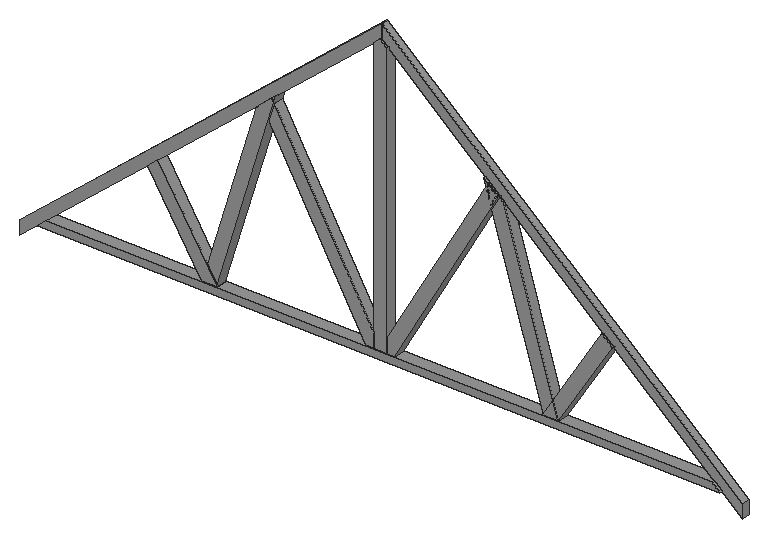
Revit family "ModifiedQueenTruss", category Structural Framing, Revit 2020
Family settings
  Section Shape = Not Defined
  Material for Model Behavior = Other
  Always export as geometry = No
  OmniClass Number = 23.25.30.21.14
  OmniClass Title = Trussed Beams and Joists
  Work Plane-Based = No
  Always vertical = Yes
  Cut with Voids When Loaded = No
  Symbolic Representation = From Family
  Shared = No
  Show family pre-cut in plan views = Yes
Parameters
  WebWidth [instance] = 150 mm
  WebDepth [instance] = 200 mm
  TopWidth [instance] = 100 mm
  T_Volume [instance] = 0.00 m³
  Structural Material [instance] = Poche
  SpanRight [instance] = 5000 mm
  SpanLeft [instance] = 5000 mm
  Span [instance] = SpanLeft + SpanRight  # 10000 mm
  SlopeRight [instance] = 40.00°
  SlopeLeft [instance] = 40.00°
  OverhangRight [instance] = 300 mm
  OverhangLeft [instance] = 300 mm
  BottomWidth [instance] = 200 mm
  BottomDepth [instance] = 100 mm
  TopDepth [instance] = 150 mm
Reference planes
  plane 1 "Center (Front/Back)": y = 0
  plane 2: z = 0
  plane 3 "Center (Left/Right)": x = 0
  plane 4: x = 5000
  plane 5: x = 5300
  plane 6: x = -5000
  plane 7: x = -5300
  plane 8: z = 100
  plane 9: x = 100
  plane 10: x = -100
  plane 11: y = 50
  plane 12: y = 75
  plane 13: y = 100
  plane 14: y = -50
  plane 15: y = -75
  plane 16: y = -100
  plane 17: x = 1666.667
  plane 18: x = 3333.333
  plane 19: x = -1666.667
  plane 20: x = -3333.333
  plane 21: x = 2500
  plane 22: x = -2500
Forms (mm)
  Extrusion 1, solid, material "Cherry"
    sketch origin (0, 0, 0) x (1, 0, 0) y (0, 0, 1)
      loop
        line (-5300, -251.73) -> (0, 4195.498) -> (0, 4391.309) -> (-5300, -55.919) -> (-5300, -251.73)
    from -50 to 50
  Extrusion 2, solid, material "Cherry"
    sketch origin (0, 0, 0) x (1, 0, 0) y (0, 0, 1)
      loop
        line (5300, -251.73) -> (5300, -55.919) -> (0, 4391.309) -> (0, 4195.498) -> (5300, -251.73)
    from -50 to 50
  Extrusion 3, solid, material "Cherry"
    sketch origin (0, 0, 0) x (1, 0, 0) y (0, 0, 1)
      loop
        line (-5000, 0) -> (5000, 0) -> (4880.825, 100) -> (-4880.825, 100) -> (-5000, 0)
    from -100 to 100
  Extrusion 4, solid, material "Cherry"
    sketch origin (0, 0, 0) x (1, 0, 0) y (0, 0, 1)
      loop
        line (-2381.178, 100) -> (-3256.101, 1463.305) -> (-3410.565, 1333.694) -> (-2618.822, 100) -> (-2381.178, 100)
    from -75 to 75
  Extrusion 5, solid, material "Cherry"
    sketch origin (0, 0, 0) x (1, 0, 0) y (0, 0, 1)
      loop
        line (-1525.367, 2915.563) -> (-1807.966, 2678.434) -> (-2604.665, 100) -> (-2395.335, 100) -> (-1525.367, 2915.563)
    from -75 to 75
  Extrusion 6, solid, material "Cherry"
    sketch origin (0, 0, 0) x (1, 0, 0) y (0, 0, 1)
      loop
        line (1807.966, 2678.434) -> (1525.367, 2915.563) -> (2395.335, 100) -> (2604.665, 100) -> (1807.966, 2678.434)
    from -75 to 75
  Extrusion 7, solid, material "Cherry"
    sketch origin (0, 0, 0) x (1, 0, 0) y (0, 0, 1)
      loop
        line (3410.565, 1333.694) -> (3256.101, 1463.305) -> (2381.178, 100) -> (2618.822, 100) -> (3410.565, 1333.694)
    from -75 to 75
  Extrusion 8, solid, material "Cherry"
    sketch origin (0, 0, 0) x (1, 0, 0) y (0, 0, 1)
      loop
        line (-1744.417, 2731.759) -> (-215.648, 100) -> (-100, 100) -> (-100, 299.086) -> (-1588.917, 2862.239) -> (-1744.417, 2731.759)
    from -75 to 75
  Extrusion 9, solid, material "Cherry"
    sketch origin (0, 0, 0) x (1, 0, 0) y (0, 0, 1)
      loop
        line (1744.417, 2731.759) -> (1588.917, 2862.239) -> (100, 299.086) -> (100, 100) -> (215.648, 100) -> (1744.417, 2731.759)
    from -75 to 75
  Extrusion 10, solid, material "Cherry"
    sketch origin (0, 0, 0) x (1, 0, 0) y (0, 0, 1)
      loop
        line (100, 100) -> (100, 4111.588) -> (0, 4195.498) -> (-100, 4111.588) -> (-100, 100) -> (100, 100)
    from -75 to 75
Lines and regions (mm)
  reference lines
    curve 1: line (5000, 0, 0) -> (0, 0, 4195.498)
    curve 2: line (5233.359, 0, 0) -> (95, 0, 4311.595)
    curve 3: line (-5000, 0, 0) -> (0, 0, 4195.498)
    curve 4: line (-5088.866, 0, 121.244) -> (-137.055, 0, 4276.306)
    curve 5: line (1666.667, 0, 2796.999) -> (100, 0, 100)
    curve 6: line (1666.667, 0, 2796.999) -> (2500, 0, 100)
    curve 7: line (3333.333, 0, 1398.499) -> (2500, 0, 100)
    curve 8: line (-100, 0, 100) -> (-1666.667, 0, 2796.999)
    curve 9: line (-1666.667, 0, 2796.999) -> (-2500, 0, 100)
    curve 10: line (-2500, 0, 100) -> (-3333.333, 0, 1398.499)
    curve 11: line (3204.078, 0, 1382.243) -> (2483.161, 0, 258.909)
    curve 12: line (3462.588, 0, 1414.756) -> (2553.917, 0, -1.134)
    curve 13: line (1841.023, 0, 2571.45) -> (2614.273, 0, 68.905)
    curve 14: line (1492.311, 0, 3022.547) -> (2499.435, 0, -236.91)
    curve 15: line (16.134, 0, 99.163) -> (-1531.311, 0, 2763.071)
    curve 16: line (-87.598, 0, -120.437) -> (-1802.023, 0, 2830.927)
    curve 17: line (-1841.023, 0, 2571.45) -> (-2614.273, 0, 68.905)
    curve 18: line (-1492.311, 0, 3022.547) -> (-2499.435, 0, -236.91)
    curve 19: line (-2483.161, 0, 258.909) -> (-3204.078, 0, 1382.243)
    curve 20: line (-2553.917, 0, -1.134) -> (-3462.588, 0, 1414.756)
    curve 21: line (1463.633, 0, 2646.564) -> (-103.86, 0, -51.858)
    curve 22: line (1869.701, 0, 2947.434) -> (-92.483, 0, -430.443)
Dimensions and locks
  "OverhangLeft": plane 4 to plane 5
  "OverhangRight": plane 6 to plane 7
  "SpanRight": plane 3 "Center (Left/Right)" to plane 6
  "SpanLeft": plane 3 "Center (Left/Right)" to plane 4
  "BottomDepth": level to plane 8
  equal spacing: plane 10, plane 3 "Center (Left/Right)", plane 9
  "WebDepth": plane 10 to plane 9
  "TopDepth": curve 1 to curve 2
  "TopDepth": curve 4 to curve 3
  equal spacing: plane 11, plane 1 "Center (Front/Back)", plane 14
  equal spacing: plane 12, plane 1 "Center (Front/Back)", plane 15
  equal spacing: plane 13, plane 1 "Center (Front/Back)", plane 16
  "TopWidth": plane 11 to plane 14
  "WebWidth": plane 12 to plane 15
  "BottomWidth": plane 13 to plane 16
  equal spacing: plane 4, plane 18, plane 17, plane 3 "Center (Left/Right)"
  equal spacing: plane 3 "Center (Left/Right)", plane 19, plane 20, plane 6
  equal spacing: plane 18, plane 21, plane 17
  equal spacing: plane 20, plane 22, plane 19
  equal spacing: curve 12, curve 7, curve 11
  equal spacing: curve 13, curve 6, curve 14
  equal spacing: curve 16, curve 8, curve 15
  equal spacing: curve 18, curve 9, curve 17
  equal spacing: curve 20, curve 10, curve 19
  "WebDepth": curve 12 to curve 11
  "WebDepth": curve 13 to curve 14
  "WebDepth": curve 18 to curve 17
  "WebDepth": curve 16 to curve 15
  "WebDepth": curve 20 to curve 19
  equal spacing: curve 22, curve 5, curve 21
  "WebDepth": curve 22 to curve 21
  "SlopeLeft": angle level to curve 1
  "SlopeRight": angle curve 3 to level
  aligned and locked: plane 2 to level
  aligned and locked: level to curve 1
  aligned and locked: plane 3 "Center (Left/Right)" to curve 1
  aligned and locked: plane 4 to curve 1
  aligned and locked: plane 6 to curve 3
  aligned and locked: plane 8 to curve 5
  aligned and locked: Extrusion 1 sketch curve to curve 3
  aligned and locked: Extrusion 1 sketch curve to curve 4
  aligned and locked: plane 3 "Center (Left/Right)" to Extrusion 1 sketch curve
  aligned and locked: Extrusion 1 sketch curve to plane 7
  aligned and locked: Extrusion 2 sketch curve to curve 1
  aligned and locked: Extrusion 2 sketch curve to curve 2
  aligned and locked: plane 3 "Center (Left/Right)" to Extrusion 2 sketch curve
  aligned and locked: plane 5 to Extrusion 2 sketch curve
  aligned and locked: level to Extrusion 3 sketch curve
  aligned and locked: plane 8 to Extrusion 3 sketch curve
  aligned and locked: Extrusion 1 to Extrusion 3 sketch curve
  aligned and locked: Extrusion 2 to Extrusion 3 sketch curve
  aligned and locked: Extrusion 3 to plane 13
  aligned and locked: Extrusion 3 to plane 16
  aligned and locked: Extrusion 1 to plane 11
  aligned and locked: Extrusion 1 to plane 14
  aligned and locked: Extrusion 2 to plane 11
  aligned and locked: Extrusion 2 to plane 14
  aligned and locked: Extrusion 4 sketch curve to curve 19
  aligned and locked: curve 20 to Extrusion 4 sketch curve
  aligned and locked: Extrusion 1 to Extrusion 4 sketch curve
  aligned and locked: Extrusion 3 to Extrusion 4 sketch curve
  aligned and locked: curve 18 to Extrusion 5 sketch curve
  aligned and locked: Extrusion 5 sketch curve to curve 17
  aligned and locked: Extrusion 1 to Extrusion 5 sketch curve
  aligned and locked: Extrusion 3 to Extrusion 5 sketch curve
  aligned and locked: Extrusion 6 sketch curve to curve 13
  aligned and locked: curve 14 to Extrusion 6 sketch curve
  aligned and locked: Extrusion 2 to Extrusion 6 sketch curve
  aligned and locked: Extrusion 3 to Extrusion 6 sketch curve
  aligned and locked: curve 12 to Extrusion 7 sketch curve
  aligned and locked: Extrusion 7 sketch curve to curve 11
  aligned and locked: Extrusion 2 to Extrusion 7 sketch curve
  aligned and locked: Extrusion 3 to Extrusion 7 sketch curve
  aligned and locked: Extrusion 1 to Extrusion 8 sketch curve
  aligned and locked: curve 15 to Extrusion 8 sketch curve
  aligned and locked: curve 16 to Extrusion 8 sketch curve
  aligned and locked: plane 10 to Extrusion 8 sketch curve
  aligned and locked: Extrusion 3 to Extrusion 8 sketch curve
  aligned and locked: curve 22 to Extrusion 9 sketch curve
  aligned and locked: Extrusion 9 sketch curve to curve 21
  aligned and locked: Extrusion 2 to Extrusion 9 sketch curve
  aligned and locked: Extrusion 3 to Extrusion 9 sketch curve
  aligned and locked: Extrusion 9 sketch curve to plane 9
  aligned and locked: Extrusion 10 sketch curve to plane 9
  aligned and locked: plane 10 to Extrusion 10 sketch curve
  aligned and locked: Extrusion 3 to Extrusion 10 sketch curve
  aligned and locked: Extrusion 10 sketch curve to Extrusion 2
  aligned and locked: Extrusion 1 to Extrusion 10 sketch curve
  aligned and locked: Extrusion 5 to plane 12
  aligned and locked: Extrusion 5 to plane 15
  aligned and locked: Extrusion 4 to plane 12
  aligned and locked: Extrusion 4 to plane 15
  aligned and locked: Extrusion 8 to plane 12
  aligned and locked: Extrusion 8 to plane 15
  aligned and locked: Extrusion 7 to plane 12
  aligned and locked: Extrusion 7 to plane 15
  aligned and locked: Extrusion 9 to plane 12
  aligned and locked: Extrusion 9 to plane 15
  aligned and locked: Extrusion 10 to plane 12
  aligned and locked: Extrusion 10 to plane 15
  aligned and locked: Extrusion 6 to plane 12
  aligned and locked: Extrusion 6 to plane 15
Automatic sketch dimensions
  plane 20 to curve 10 = 0 mm
  curve 9 to plane 8 = 0 mm
  curve 9 to plane 22 = 0 mm
  plane 19 to curve 9 = 0 mm
  curve 8 to plane 8 = 0 mm
  curve 8 to plane 10 = 0 mm
  plane 9 to curve 5 = 0 mm
  curve 6 to plane 17 = 0 mm
  curve 7 to plane 8 = 0 mm
  curve 7 to plane 21 = 0 mm
  curve 7 to plane 18 = 0 mm
  curve 2 to level = 0 mm
  curve 4 to plane 8 = 21.244 mm
  plane 20 to curve 20 = 129.255 mm
  curve 19 to plane 20 = 129.255 mm
  plane 8 to curve 17 = 31.095 mm
  level to curve 20 = 1.134 mm
  plane 22 to curve 18 = 0.565 mm
  plane 22 to curve 19 = 16.839 mm
  plane 19 to curve 17 = 174.356 mm
  plane 19 to curve 16 = 135.356 mm
  curve 15 to plane 19 = 135.356 mm
  curve 18 to plane 19 = 174.356 mm
  curve 4 to plane 10 = 37.055 mm
  curve 21 to plane 10 = 3.86 mm
  plane 10 to curve 22 = 7.517 mm
  plane 10 to curve 16 = 12.402 mm
  plane 8 to curve 15 = 0.837 mm
  plane 9 to curve 2 = 5 mm
  curve 21 to plane 17 = 203.034 mm
  curve 14 to plane 17 = 174.356 mm
  plane 17 to curve 13 = 174.356 mm
  plane 17 to curve 22 = 203.034 mm
  curve 11 to plane 21 = 16.839 mm
  curve 14 to plane 21 = 0.565 mm
  level to curve 12 = 1.134 mm
  plane 8 to curve 13 = 31.095 mm
  curve 11 to plane 18 = 129.255 mm
  plane 18 to curve 12 = 129.255 mm
